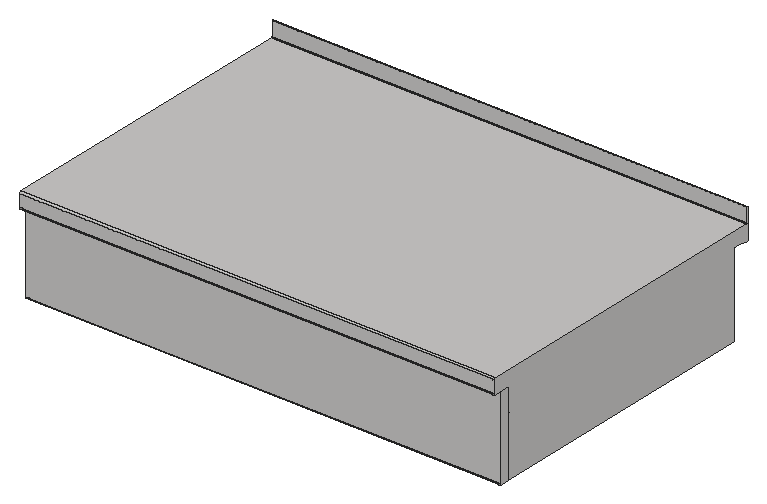
Revit family "QF_ELECTROLUXPROFESSIONAL_588123_MANABBKOOO", category Specialty Equipment, Revit 2018
Family settings
  Round Connector Dimension = Use Diameter
  Part Type = Normal
  Work Plane-Based = No
  Always vertical = Yes
  Cut with Voids When Loaded = No
  Shared = No
  Room Calculation Point = No
Parameters
  Weight in Pounds = 66.13
  URL Cutsheet = "www.electrolux.com/professional"
  URL = "www.electrolux.com/professional"
  Type Mark [instance] = ""
  Status [instance] = ""
  Specification by User [instance] = ""
  Specification by Manufacturer = ""
  Serial Number = ""
  Seismic Rating = ""
  SMACNA No = ""
  Revision Code [instance] = ""
  Omniclass Number and Title = ""
  NAFEM Spec ID Number = ""
  Model = "588123"
  Masterspec = ""
  Manufacturer = "ELECTROLUX"
  Item Number [instance] = ""
  Installed By [instance] = ""
  Identify Quantity as Lot [instance] = yes
  Furnished By [instance] = ""
  Foodservice Equipment Identifier [instance] = yes
  Direct Waste Size = 0"
  Description = "CLOSED WORK TOP,1-S,BACKSPL,1200X800X250H"
  CSI MasterFormat = ""
  CSI Master Format = ""
Reference planes
  plane 1 "BACK": y = 0
  plane 2: z = 0
  plane 3 "LEFT": x = 0
  plane 4 "RIGHT": x = 1200
  plane 5 "FRONT": y = -800
  plane 6 "TOP": z = 250
  plane 7 "Center Y": x = 600
  plane 8 "Center X": y = -400
  plane 9: z = 288
Forms (mm)
  Extrusion 1, solid, material "QF_Finishes_Stainless Steel"
    sketch origin (0, 50.048, 0) x (0, 1, 0) y (0, 0, 1)
      loop
        line (-95.048, 213) -> (-71.412, 213) -> (-54.743, 210.061)
        arc (-54.743, 210.061) -> (-51.477, 210.936) -> (-50.048, 214) r 4
        line (-50.048, 214) -> (-50.048, 246)
        arc (-50.048, 246) -> (-51.22, 248.828) -> (-54.048, 250) r 4
        line (-54.048, 250) -> (-846.048, 250)
        arc (-846.048, 250) -> (-848.877, 248.828) -> (-850.048, 246) r 4
        line (-850.048, 246) -> (-850.048, 214)
        arc (-850.048, 214) -> (-848.619, 210.936) -> (-845.353, 210.061) r 4
        line (-845.353, 210.061) -> (-828.509, 213) -> (-805.048, 213) -> (-805.048, 0) -> (-95.048, 0) -> (-95.048, 213)
    from 0 to 1200
  Extrusion 2, solid, material "QF_Finishes_Stainless Steel"
    sketch origin (0, 50.048, 0) x (0, 1, 0) y (0, 0, 1)
      loop
        arc (-828.048, 213) -> (-829.462, 212.414) -> (-830.048, 211) r 2
        line (-830.048, 211) -> (-830.048, 2)
        arc (-830.048, 2) -> (-829.462, 0.586) -> (-828.048, 0) r 2
        line (-828.048, 0) -> (-805.048, 0) -> (-805.048, 213) -> (-828.048, 213)
    from 0 to 1200
  Extrusion 3, solid, material "QF_Finishes_Stainless Steel"
    sketch origin (0, -950.048, 0) x (0, -1, 0) y (0, 0, -1)
      loop
        arc (-948.097, -252.006) -> (-947.511, -250.592) -> (-946.097, -250.006) r 2
        arc (-946.097, -250.006) -> (-948.877, -248.828) -> (-950.048, -246) r 4
        line (-950.048, -246) -> (-950.048, -288.006) -> (-948.097, -288.006) -> (-948.097, -252.006)
    from 0 to 1200
Lines and regions (mm)
  symbolic lines
    curve 1: line (0, 0, 0) -> (1200, 0, 0)
    curve 2: line (0, -800, 0) -> (0, 0, 0)
    curve 3: line (1200, -800, 0) -> (0, -800, 0)
    curve 4: line (1200, 0, 0) -> (1200, -800, 0)
    curve 5: line (0, -1.951, 0) -> (1200, -1.951, 0)
Dimensions and locks
  equal spacing: plane 3 "LEFT", plane 7 "Center Y", plane 4 "RIGHT"
  plane 3 "LEFT" to plane 4 "RIGHT" = 1200.00 mm
  equal spacing: plane 5 "FRONT", plane 8 "Center X", plane 1 "BACK"
  plane 5 "FRONT" to plane 1 "BACK" = 800.00 mm
  plane 6 "TOP" to level = 250.00 mm
  plane 9 to level = 288.00 mm
  plane 9 to plane 6 "TOP" = 38.00 mm
  aligned and locked: level to plane 2
  aligned and locked: Extrusion 1 to plane 4 "RIGHT"
  aligned and locked: Extrusion 2 to plane 4 "RIGHT"
  aligned and locked: Extrusion 3 to plane 4 "RIGHT"
Automatic sketch dimensions
  Extrusion 1 sketch curve to plane 5 "FRONT" = 0.00 mm
  Extrusion 1 sketch curve to plane 6 "TOP" = 0.00 mm
  Extrusion 1 sketch curve to level = 0.00 mm
  Extrusion 1 sketch curve to plane 1 "BACK" = 0.00 mm
  Extrusion 1 sketch curve to plane 5 "FRONT" = 4.695 mm
  Extrusion 1 sketch curve to plane 6 "TOP" = 39.939 mm
  Extrusion 1 sketch curve to plane 5 "FRONT" = 4.00 mm  (x2)
  Extrusion 1 sketch curve to Extrusion 1 sketch curve = 16.844 mm
  Extrusion 1 sketch curve to plane 5 "FRONT" = 45.00 mm
  plane 1 "BACK" to Extrusion 1 sketch curve = 45.00 mm
  plane 1 "BACK" to Extrusion 1 sketch curve = 21.364 mm
  plane 1 "BACK" to Extrusion 1 sketch curve = 4.00 mm
  plane 1 "BACK" to Extrusion 1 sketch curve = 4.695 mm
  Extrusion 1 sketch curve to Extrusion 1 sketch curve = 0.00 mm  (x2)
  Extrusion 1 sketch curve to Extrusion 1 sketch curve = 4.00 mm
  Extrusion 1 sketch curve to plane 6 "TOP" = 37.00 mm  (x2)
  Extrusion 1 sketch curve to Extrusion 1 sketch curve = 1.00 mm
  Extrusion 2 sketch curve to level = 0.00 mm
  Extrusion 2 sketch curve to plane 5 "FRONT" = 20.00 mm
  level to Extrusion 2 sketch curve = 2.00 mm
  Extrusion 2 sketch curve to Extrusion 2 sketch curve = 2.00 mm
  Extrusion 2 sketch curve to Extrusion 2 sketch curve = 23.00 mm
  Extrusion 2 sketch curve to plane 6 "TOP" = 39.00 mm
  Extrusion 3 sketch curve to plane 1 "BACK" = 0.00 mm  (x2)
  Extrusion 3 sketch curve to plane 6 "TOP" = 2.006 mm
  Extrusion 3 sketch curve to plane 6 "TOP" = 0.00 mm
  Extrusion 3 sketch curve to plane 9 = 0.006 mm
  Extrusion 3 sketch curve to Extrusion 3 sketch curve = 1.951 mm
  Extrusion 3 sketch curve to Extrusion 3 sketch curve = 2.00 mm
  Extrusion 3 sketch curve to Extrusion 3 sketch curve = 0.049 mm
  Extrusion 3 sketch curve to Extrusion 3 sketch curve = 0.00 mm
  plane 1 "BACK" to curve 1 = 0.00 mm
  curve 1 to plane 3 "LEFT" = 0.00 mm
  curve 1 to plane 4 "RIGHT" = 0.00 mm
  plane 5 "FRONT" to curve 4 = 0.00 mm
  curve 5 to curve 1 = 1.951 mm
